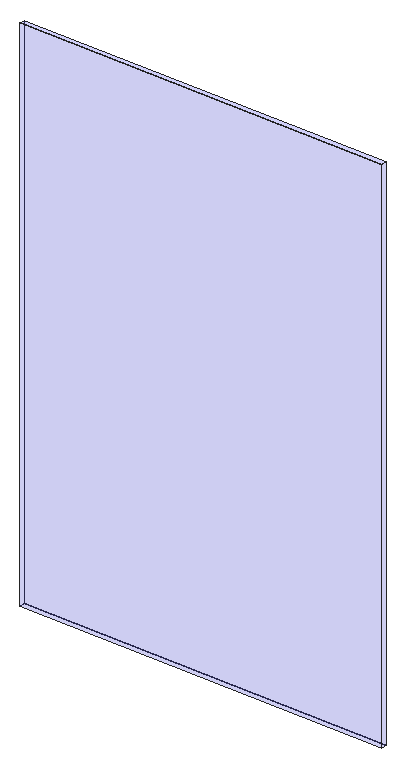
Revit family "CUSTOM panel", category Curtain Panels, Revit 2024
Family settings
  Always vertical = Yes
  Cut with Voids When Loaded = No
  Shared = No
Parameters
  ssg offset left = 25.4 mm
  ssg offset right = 25.4 mm
  panel thickness = 25.4 mm
  offset = 50.8 mm
  material = none
Reference planes
  plane 1 "Front": y = 0
  plane 2: z = 0
  plane 3 "Center (Left/Right)": x = -12.905
  plane 4 "Left": x = -831.877
  plane 5 "Right": x = 806.066
  plane 6 "Top": z = 2438.4
  plane 7: x = -857.277
  plane 8: x = 831.466
Forms (mm)
  Extrusion 1, solid, material <- "material"
    sketch origin (0, 0, 0) x (1, 0, 0) y (0, 1, 0)
      loop
        line (-857.277, -50.8) -> (831.466, -50.8) -> (831.466, -25.4) -> (-857.277, -25.4) -> (-857.277, -50.8)
    from 0 to 2438.4
Text (mm)
  text "Exterior" at (-1379.057, 797.241, 0), in view "Base Line"
  text "Exterior" at (12192, 1055.114, 2275.943), in view "Right"
  text "Exterior" at (-6096, 1468.734, 2687.031), in view "Left"
Dimensions and locks
  equal spacing: plane 4 "Left", plane 3 "Center (Left/Right)", plane 5 "Right"
  "ssg offset left": plane 7 to plane 4 "Left"
  "ssg offset right": plane 5 "Right" to plane 8
  "offset": plane 1 "Front" to Extrusion 1 sketch curve
  "panel thickness": Extrusion 1 sketch curve to Extrusion 1 sketch curve
  aligned and locked: Extrusion 1 to plane 6 "Top"
  aligned and locked: Extrusion 1 to plane 2
Automatic sketch dimensions
  Extrusion 1 sketch curve to plane 7 = 0 mm
  Extrusion 1 sketch curve to plane 8 = 0 mm
